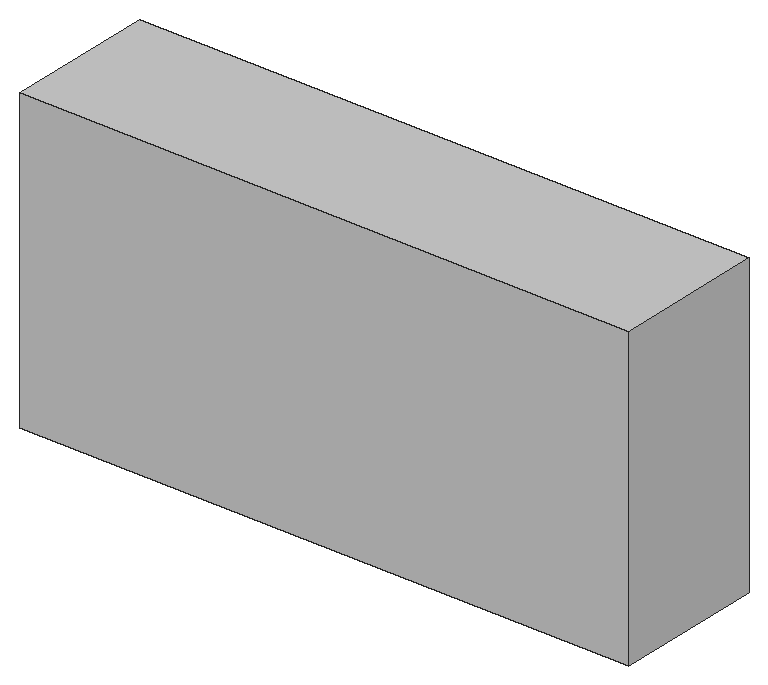
Revit family "矩形梁", category 结构框架, Revit 2016
Family settings
  显示在隐藏视图中 = 被其他构件隐藏的边缘
  结构框架长度舍入 = 1 mm
  横断面形状 = 未定义
  用于模型行为的材质 = 混凝土
  始终导出为几何图形 = 否
  总是垂直 = 是
  加载时剪切的空心 = 否
  符号表示法 = 从族
  共享 = 否
  在平面视图中显示族的预剪切 = 是
Parameters (values of type "300 x 600 mm")
  Structural Material [instance] = 混凝土 - 现场浇注混凝土
  Assembly Code = ""
  Length [instance] = 1524 mm
  b = 300 mm
  h = 600 mm
Types (3, lengths in mm): name | Structural Material | b | h
  (no name) | 混凝土 - 现场浇注混凝土 | 300 | 600
  400 x 800 mm | none | 400 | 800
  300 x 600 mm | 混凝土 - 现场浇注混凝土 | 300 | 600
Reference planes
  plane 1 "中心(前/后)": y = 0
  plane 2: z = 0
  plane 3 "中心(左/右)": x = 4.61
  plane 4 "杆件左": x = -604.99
  plane 5 "杆件右": x = 614.21
  plane 6: y = 150
  plane 7: y = -150
  plane 8: z = 300
  plane 9 "底": z = -300
  plane 10 "左": x = -757.39
  plane 11 "右": x = 766.61
Forms (mm)
  Sweep 1, solid, material "混凝土 - 现场浇注混凝土" <- "Structural Material"
    path origin (0, 0, 0) x (1, 0, 0) y (0, 1, 0)
      loop
        line (614.21, 0) -> (-604.99, 0)
    profile "M_矩形梁-轮廓 : M_矩形梁-轮廓" origin (4.61, 0, 0) x (0, -1, 0) y (0, 0, 1)
      loop
        line (-150, -300) -> (150, -300) -> (150, 300) -> (-150, 300) -> (-150, -300)
Dimensions and locks
  "b": plane 6 to plane 7
  equal spacing: plane 9 "底", plane 2, plane 8
  equal spacing: plane 6, plane 1 "中心(前/后)", plane 7
  "h": plane 9 "底" to plane 8
  "Length": plane 10 "左" to plane 11 "右"
  aligned and locked: Sweep 1 sketch curve to plane 1 "中心(前/后)"
  aligned and locked: plane 4 "杆件左" to Sweep 1 sketch curve
  aligned and locked: plane 5 "杆件右" to Sweep 1 sketch curve
